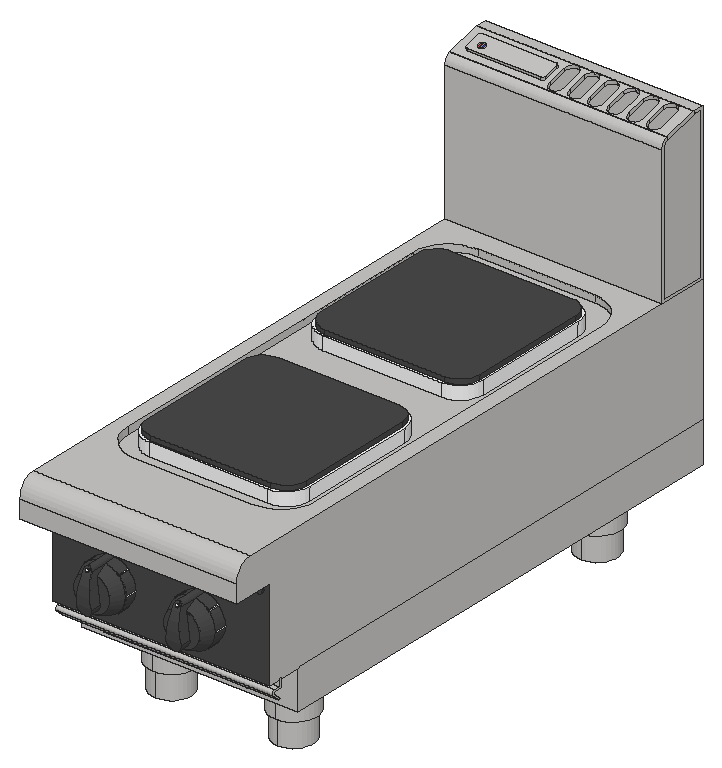
Revit family "QF_Moffat_RNB8200SE-B_Electric_Cooktops_Sealed_Hobs_cat", category Specialty Equipment, Revit 2019 (continued)
Definition of nested family "High and Low Option"
  Definition of nested family "QF_LOGO_Waldorf1"
    Lines and regions (mm)
      Split face 2
        outline origin (0, -13.729, 12.99) x (1, 0, 0) y (0, 0.965926, 0.258819)
          loop
            spline (44.988, 11.965) -> (47.294, 11.682) -> (46.856, 10.932) -> (45.527, 10.609) -> (43.858, 10.439) -> (42.259, 10.123) -> (41.078, 9.417) -> (40.563, 8.246) -> (40.689, 6.989) -> (41.407, 6.052) -> (42.774, 5.536) -> (44.847, 5.497) -> (47.306, 6.602)
            line (47.306, 6.602) -> (47.624, 5.728) -> (51.449, 5.728)
      Split face 3
        outline origin (0, -13.729, 12.99) x (1, 0, 0) y (0, 0.965926, 0.258819)
          loop
            line (47.264, 9.264) -> (44.938, 8.597)
            spline (44.938, 8.597) -> (44.508, 8.228) -> (44.402, 7.9) -> (44.548, 7.626) -> (44.877, 7.42) -> (45.317, 7.295) -> (45.797, 7.265) -> (46.252, 7.342) -> (46.65, 7.525) -> (46.971, 7.813) -> (47.194, 8.201) -> (47.298, 8.685) -> (47.264, 9.264)
      Split face 4
        outline origin (0, -13.729, 12.99) x (1, 0, 0) y (0, 0.965926, 0.258819)
          loop
            line (53.33, 16.975) -> (53.33, 5.728) -> (57.173, 5.728) -> (57.173, 16.975) -> (53.33, 16.975)
      Split face 5
        outline origin (0, -13.729, 12.99) x (1, 0, 0) y (0, 0.965926, 0.258819)
          loop
            line (65.795, 16.975) -> (65.795, 12.976)
            spline (65.795, 12.976) -> (63.839, 14.082) -> (62.087, 14.096) -> (60.633, 13.343) -> (59.574, 12.148) -> (58.99, 10.806) -> (58.867, 9.452) -> (59.156, 8.159) -> (59.81, 7) -> (60.786, 6.056) -> (62.111, 5.514) -> (63.868, 5.634) -> (66.137, 6.679)
            line (66.137, 6.679) -> (66.137, 5.728) -> (69.511, 5.728) -> (69.511, 16.975) -> (65.795, 16.975)
      Split face 6
        outline origin (0, -13.729, 12.99) x (1, 0, 0) y (0, 0.965926, 0.258819)
          loop
            spline (64.273, 7.499) -> (64.754, 7.57) -> (65.202, 7.777) -> (65.587, 8.106) -> (65.882, 8.535) -> (66.067, 9.034) -> (66.131, 9.57) -> (66.067, 10.106) -> (65.882, 10.605) -> (65.587, 11.034) -> (65.202, 11.363) -> (64.754, 11.57) -> (64.273, 11.64)
            spline (64.273, 11.64) -> (63.793, 11.57) -> (63.345, 11.363) -> (62.96, 11.034) -> (62.665, 10.605) -> (62.479, 10.106) -> (62.416, 9.57) -> (62.479, 9.034) -> (62.665, 8.535) -> (62.96, 8.106) -> (63.345, 7.777) -> (63.793, 7.57) -> (64.273, 7.499)
      Split face 7
        outline origin (0, -13.729, 12.99) x (1, 0, 0) y (0, 0.965926, 0.258819)
          loop
            spline (76.449, 5.305) -> (77.855, 5.457) -> (79.166, 5.901) -> (80.291, 6.607) -> (81.155, 7.527) -> (81.698, 8.599) -> (81.883, 9.749) -> (81.698, 10.899) -> (81.155, 11.97) -> (80.291, 12.891) -> (79.166, 13.597) -> (77.855, 14.041) -> (76.449, 14.192)
            spline (76.449, 14.192) -> (75.042, 14.041) -> (73.731, 13.597) -> (72.606, 12.891) -> (71.742, 11.97) -> (71.199, 10.899) -> (71.014, 9.749) -> (71.199, 8.599) -> (71.742, 7.527) -> (72.606, 6.607) -> (73.731, 5.901) -> (75.042, 5.457) -> (76.449, 5.305)
      Split face 8
        outline origin (0, -13.729, 12.99) x (1, 0, 0) y (0, 0.965926, 0.258819)
          loop
            spline (76.449, 7.654) -> (76.841, 7.725) -> (77.206, 7.934) -> (77.52, 8.267) -> (77.76, 8.701) -> (77.912, 9.206) -> (77.963, 9.749) -> (77.912, 10.291) -> (77.76, 10.796) -> (77.52, 11.23) -> (77.206, 11.563) -> (76.841, 11.772) -> (76.449, 11.843)
            spline (76.449, 11.843) -> (76.057, 11.772) -> (75.691, 11.563) -> (75.378, 11.23) -> (75.137, 10.796) -> (74.986, 10.291) -> (74.934, 9.749) -> (74.986, 9.206) -> (75.137, 8.701) -> (75.378, 8.267) -> (75.691, 7.934) -> (76.057, 7.725) -> (76.449, 7.654)
      Split face 9
        outline origin (0, -13.729, 12.99) x (1, 0, 0) y (0, 0.965926, 0.258819)
          loop
            line (86.998, 12.335) -> (86.998, 13.879) -> (83.479, 13.879) -> (83.479, 5.728) -> (87.312, 5.728) -> (87.312, 8.975)
            spline (87.312, 8.975) -> (87.364, 9.356) -> (87.458, 9.686) -> (87.594, 9.968) -> (87.769, 10.204) -> (87.982, 10.398) -> (88.229, 10.55) -> (88.509, 10.666) -> (88.82, 10.746) -> (89.16, 10.794) -> (89.525, 10.812) -> (89.915, 10.803) -> (90.327, 10.77)
            line (90.327, 10.77) -> (90.327, 14.113)
            spline (90.327, 14.113) -> (89.929, 14.127) -> (89.552, 14.111) -> (89.197, 14.066) -> (88.865, 13.991) -> (88.554, 13.887) -> (88.266, 13.754) -> (87.999, 13.591) -> (87.755, 13.399) -> (87.532, 13.177) -> (87.332, 12.926) -> (87.154, 12.645) -> (86.998, 12.335)
      Split face 10
        outline origin (0, -13.729, 12.99) x (1, 0, 0) y (0, 0.965926, 0.258819)
          loop
            line (92.082, 13.879) -> (90.894, 13.879) -> (90.894, 11.972) -> (92.082, 11.972) -> (92.082, 5.728) -> (95.871, 5.728) -> (95.871, 11.972) -> (97.5, 11.972) -> (97.5, 13.879) -> (95.871, 13.879)
            spline (95.871, 13.879) -> (95.843, 14.088) -> (95.845, 14.278) -> (95.877, 14.447) -> (95.939, 14.596) -> (96.03, 14.726) -> (96.151, 14.835) -> (96.301, 14.925) -> (96.482, 14.995) -> (96.692, 15.045) -> (96.931, 15.075) -> (97.201, 15.085) -> (97.5, 15.076)
            line (97.5, 15.076) -> (97.5, 17.266) -> (95.367, 17.266)
            spline (95.367, 17.266) -> (94.982, 17.253) -> (94.58, 17.21) -> (94.174, 17.132) -> (93.774, 17.013) -> (93.39, 16.846) -> (93.034, 16.627) -> (92.717, 16.349) -> (92.448, 16.007) -> (92.24, 15.595) -> (92.102, 15.106) -> (92.046, 14.537) -> (92.082, 13.879)
    Dimensions and locks
      equal spacing: plane 3 "LEFT", plane 7 "Center Y", plane 4 "RIGHT"
      "Length": plane 3 "LEFT" to plane 4 "RIGHT"
      equal spacing: plane 5 "FRONT", plane 8 "Center X", plane 1 "BACK"
      "Depth": plane 5 "FRONT" to plane 1 "BACK"
      "Height": plane 6 "TOP" to level
      plane 4 "RIGHT" to plane 3 "LEFT" = 138 mm
      aligned and locked: level to plane 2
    Automatic sketch dimensions
      Extrusion 1 sketch curve to plane 3 "LEFT" = 0 mm
      plane 3 "LEFT" to Extrusion 1 sketch curve = 4 mm  (x2)
      Extrusion 1 sketch curve to Extrusion 1 sketch curve = 10.75 mm
      Extrusion 1 sketch curve to Extrusion 1 sketch curve = 0.5 mm
      plane 4 "RIGHT" to Extrusion 1 sketch curve = 33 mm
      Extrusion 1 sketch curve to Extrusion 1 sketch curve = 0 mm  (x3)
      Extrusion 1 sketch curve to Extrusion 1 sketch curve = 4 mm
      Extrusion 1 sketch curve to Extrusion 1 sketch curve = 3.464 mm  (x3)
      Extrusion 1 sketch curve to Extrusion 1 sketch curve = 3.541 mm
      Extrusion 1 sketch curve to Extrusion 1 sketch curve = 4.325 mm
      Extrusion 1 sketch curve to Extrusion 1 sketch curve = 19.783 mm
      Extrusion 1 sketch curve to Extrusion 1 sketch curve = 7.592 mm
      plane 3 "LEFT" to Extrusion 2 sketch curve = 15.25 mm
      Extrusion 2 sketch curve to Extrusion 2 sketch curve = 4.325 mm
      plane 3 "LEFT" to Extrusion 3 sketch curve = 14.75 mm
      Extrusion 3 sketch curve to Extrusion 3 sketch curve = 4.325 mm
      Extrusion 1 to Split face 1 sketch curve = 6.879 mm
      Split face 1 sketch curve to Extrusion 1 = 5.728 mm
      Split face 1 sketch curve to Split face 1 sketch curve = 3.132 mm
      Split face 1 sketch curve to Split face 1 sketch curve = 4.068 mm
      Split face 1 sketch curve to Split face 1 sketch curve = 3.051 mm
      Split face 1 sketch curve to Split face 1 sketch curve = 4.203 mm
      Split face 1 sketch curve to Split face 1 sketch curve = 2.916 mm
      Split face 1 sketch curve to Split face 1 sketch curve = 3.456 mm
      Split face 1 sketch curve to Split face 1 sketch curve = 2.934 mm
      Split face 1 sketch curve to Split face 1 sketch curve = 4.131 mm
      Split face 1 sketch curve to Split face 1 sketch curve = 3.96 mm
      Split face 1 sketch curve to Split face 1 sketch curve = 0 mm  (x2)
      Split face 1 sketch curve to Extrusion 1 = 9.736 mm  (x2)
      Extrusion 1 to Split face 1 sketch curve = 6.337 mm
      Extrusion 1 to Split face 1 sketch curve = 6.231 mm
      Extrusion 1 to Split face 1 sketch curve = 3.184 mm
      Extrusion 1 to Split face 1 sketch curve = 13.135 mm
      Split face 1 sketch curve to Split face 1 sketch curve = 4.652 mm
      Split face 1 sketch curve to Split face 1 sketch curve = 3.593 mm
      Split face 1 sketch curve to Split face 1 sketch curve = 1.863 mm
      Split face 1 sketch curve to Split face 1 sketch curve = 0.713 mm
      Split face 1 sketch curve to Split face 1 sketch curve = 2.684 mm
      Split face 1 sketch curve to Split face 1 sketch curve = 3.294 mm
      Split face 1 sketch curve to Split face 1 sketch curve = 0.459 mm
      Split face 1 sketch curve to Split face 1 sketch curve = 2.775 mm
      Split face 1 sketch curve to Split face 1 sketch curve = 1.89 mm
      Split face 1 sketch curve to Split face 1 sketch curve = 0.685 mm
      Split face 1 sketch curve to Split face 1 sketch curve = 9.486 mm
      Split face 1 sketch curve to Split face 1 sketch curve = 16.213 mm
      Split face 1 sketch curve to Split face 1 sketch curve = 3.48 mm
      Split face 1 sketch curve to Split face 1 sketch curve = 4.918 mm
      Split face 1 sketch curve to Split face 1 sketch curve = 7.609 mm
      Split face 1 sketch curve to Split face 1 sketch curve = 0.01 mm  (x2)
      Split face 1 sketch curve to Split face 1 sketch curve = 0.002 mm
      Split face 2 sketch curve to Extrusion 1 = 11.169 mm
      Extrusion 1 to Split face 2 sketch curve = 25.647 mm
      Split face 2 sketch curve to Split face 2 sketch curve = 3.72 mm
      Split face 2 sketch curve to Extrusion 1 = 11.965 mm
      Split face 2 sketch curve to Split face 2 sketch curve = 0.371 mm
      Split face 2 sketch curve to Extrusion 1 = 6.602 mm
      Split face 2 sketch curve to Split face 2 sketch curve = 2.689 mm
      Split face 2 sketch curve to Split face 2 sketch curve = 0.318 mm
      Split face 2 sketch curve to Split face 2 sketch curve = 3.729 mm
      Split face 2 sketch curve to Split face 2 sketch curve = 0.414 mm
      Split face 2 sketch curve to Split face 2 sketch curve = 0.875 mm
      Split face 2 sketch curve to Split face 2 sketch curve = 0.878 mm
      Split face 3 sketch curve to Extrusion 1 = 8.597 mm
      Extrusion 1 to Split face 3 sketch curve = 29.688 mm
      Split face 3 sketch curve to Extrusion 1 = 9.264 mm
      Split face 3 sketch curve to Split face 3 sketch curve = 2.326 mm
      Split face 4 sketch curve to Extrusion 1 = 5.728 mm
      Extrusion 1 to Split face 4 sketch curve = 38.08 mm
      Split face 4 sketch curve to Split face 4 sketch curve = 3.843 mm
      Split face 4 sketch curve to Extrusion 1 = 9.736 mm
      Split face 5 sketch curve to Extrusion 1 = 9.736 mm
      Split face 5 sketch curve to Extrusion 1 = 43.205 mm
      Split face 5 sketch curve to Extrusion 1 = 6.679 mm
      Split face 5 sketch curve to Split face 5 sketch curve = 0.342 mm
      Split face 5 sketch curve to Split face 5 sketch curve = 3.375 mm
      Split face 5 sketch curve to Split face 5 sketch curve = 0.952 mm
      Split face 5 sketch curve to Split face 5 sketch curve = 3.998 mm
      Split face 6 sketch curve to Extrusion 1 = 7.499 mm
      Split face 6 sketch curve to Extrusion 1 = 44.727 mm
      Split face 6 sketch curve to Split face 6 sketch curve = 2.07 mm
      Split face 7 sketch curve to Extrusion 1 = 5.305 mm
      Split face 7 sketch curve to Extrusion 1 = 32.551 mm
      Split face 7 sketch curve to Split face 7 sketch curve = 4.443 mm
      Split face 8 sketch curve to Extrusion 1 = 7.654 mm
      Split face 8 sketch curve to Extrusion 1 = 32.551 mm
      Split face 8 sketch curve to Split face 8 sketch curve = 2.095 mm
      Split face 9 sketch curve to Extrusion 1 = 5.728 mm
      Split face 9 sketch curve to Extrusion 1 = 25.521 mm
      Split face 9 sketch curve to Split face 9 sketch curve = 3.519 mm
      Split face 9 sketch curve to Split face 9 sketch curve = 0.315 mm
      Split face 9 sketch curve to Split face 9 sketch curve = 3.33 mm
      Split face 9 sketch curve to Split face 9 sketch curve = 3.248 mm
      Split face 9 sketch curve to Split face 9 sketch curve = 1.795 mm
      Split face 9 sketch curve to Split face 9 sketch curve = 3.36 mm
      Split face 9 sketch curve to Split face 9 sketch curve = 1.545 mm
      Split face 9 sketch curve to Split face 9 sketch curve = 0.233 mm
      Split face 10 sketch curve to Extrusion 1 = 18.106 mm
      Split face 10 sketch curve to Split face 10 sketch curve = 1.188 mm  (x2)
      Split face 10 sketch curve to Split face 10 sketch curve = 3.285 mm
      Split face 10 sketch curve to Split face 10 sketch curve = 3.789 mm
      Split face 10 sketch curve to Split face 10 sketch curve = 0 mm  (x2)
      Split face 10 sketch curve to Split face 10 sketch curve = 1.629 mm
      Split face 10 sketch curve to Split face 10 sketch curve = 2.133 mm
      Split face 10 sketch curve to Extrusion 1 = 5.728 mm
      Split face 10 sketch curve to Split face 10 sketch curve = 6.245 mm
      Split face 10 sketch curve to Split face 10 sketch curve = 1.907 mm  (x2)
      Split face 10 sketch curve to Split face 10 sketch curve = 1.197 mm
      Split face 10 sketch curve to Split face 10 sketch curve = 2.19 mm
Definition of nested family "RN8200SE-B"
  Parameters (values of type "E512S-B")
    Weight in Kilograms = 55
    Watts = Volts * FL Amps  # 5060 W
    Volts = 230 V
    URL Cutsheet = ""
    Specification by User = ""
    Specification by Manufacturer = ""
    Serial Number = ""
    Seismic Rating = ""
    SMACNA No = ""
    Revision Code = ""
    Phase = 1
    Number of Poles = 1
    NAFEM Spec ID Number = ""
    Model = "RNL8200SE-B"
    Min Ckt Ampacity = 0 A
    Max Overcurrent Protection = 0 A
    Masterspec = ""
    Manufacturer = "Moffat"
    Length = 300 mm
    Item Number = ""
    Installed By = ""
    Identify Quantity as Lot = yes
    Height = 315 mm
    HP = ""
    Furnished By = ""
    Foodservice Equipment Identifier = yes
    FL Amps = 22 A
    Electrical Remarks = ""
    Electric Connection Type = ""
    Elec Conn RI Height = 0 mm
    Elec Conn Connection Height = 0 mm
    Description = "Electric Cooktops Sealed Hobs"
    Depth = 805 mm
    Cycle = 50 Hz
    Conn Plug = ""
    Conn Conduit = yes
    CSI MasterFormat = ""
    Apparent Power = if(Phase = 3, Volts * FL Amps * 1.73, Volts * FL Amps)  # 5060 VA
  Reference planes
    plane 1 "BACK": y = 0
    plane 2: z = 0
    plane 3 "LEFT": x = 0
    plane 4 "RIGHT": x = 300
    plane 5 "FRONT": y = -805
    plane 6 "TOP": z = 315
    plane 7 "Center Y": x = 150
    plane 8 "Center X": y = -402.5
    plane 9: x = 65.5
    plane 10: x = 234.5
    plane 11: x = 87.5
    plane 12: x = 211.766
    plane 13: y = -30
    plane 14: x = 170
    plane 15: y = -625
    plane 16: y = -100
  Forms (mm)
    Extrusion 1, solid
      sketch origin (0, 0, 0) x (0, 1, 0) y (0, 0, 1)
        loop
          line (0, 140) -> (0, 315) -> (-781, 315)
          arc (-781, 315) -> (-797.971, 307.971) -> (-805, 291) r 24
          line (-805, 291) -> (-805, 266) -> (-749, 266) -> (-749, 140) -> (0, 140)
      from 0 to 300
    Extrusion 2, void
      sketch origin (0, -781, 315) x (0, 1, 0) y (-1, 0, 0)
        loop
          arc (680.8, -69) -> (666.155, -33.645) -> (630.8, -19) r 50
          line (630.8, -19) -> (137.799, -19)
          arc (137.799, -19) -> (102.444, -33.645) -> (87.799, -69) r 50
          line (87.799, -69) -> (87.799, -231)
          arc (87.799, -231) -> (102.444, -266.355) -> (137.799, -281) r 50
          line (137.799, -281) -> (630.8, -281)
          arc (630.8, -281) -> (666.155, -266.355) -> (680.8, -231) r 50
          line (680.8, -231) -> (680.8, -69)
      from 0 to -9.5
    Extrusion 3, solid
      sketch origin (0, -781, 305.5) x (0, 1, 0) y (-1, 0, 0)
        loop
          arc (643.009, -68) -> (633.637, -45.373) -> (611.009, -36) r 32
          line (611.009, -36) -> (446.995, -36)
          arc (446.995, -36) -> (424.368, -45.373) -> (414.995, -68) r 32
          line (414.995, -68) -> (414.995, -232)
          arc (414.995, -232) -> (424.368, -254.627) -> (446.995, -264) r 32
          line (446.995, -264) -> (611.009, -264)
          arc (611.009, -264) -> (633.637, -254.627) -> (643.009, -232) r 32
          line (643.009, -232) -> (643.009, -68)
        loop
          arc (343.009, -68) -> (333.636, -45.373) -> (311.009, -36) r 32
          line (311.009, -36) -> (147.026, -36)
          arc (147.026, -36) -> (124.398, -45.373) -> (115.026, -68) r 32
          line (115.026, -68) -> (115.026, -232)
          arc (115.026, -232) -> (124.398, -254.627) -> (147.026, -264) r 32
          line (147.026, -264) -> (311.009, -264)
          arc (311.009, -264) -> (333.636, -254.627) -> (343.009, -232) r 32
          line (343.009, -232) -> (343.009, -68)
      from 0 to 17.8
    Extrusion 4, solid
      sketch origin (0, -781, 323.3) x (0, 1, 0) y (-1, 0, 0)
        loop
          arc (639.009, -67) -> (631.101, -47.908) -> (612.009, -40) r 27
          line (612.009, -40) -> (445.995, -40)
          arc (445.995, -40) -> (426.903, -47.908) -> (418.995, -67) r 27
          line (418.995, -67) -> (418.995, -233)
          arc (418.995, -233) -> (426.903, -252.092) -> (445.995, -260) r 27
          line (445.995, -260) -> (612.009, -260)
          arc (612.009, -260) -> (631.101, -252.092) -> (639.009, -233) r 27
          line (639.009, -233) -> (639.009, -67)
        loop
          arc (339.009, -67) -> (331.1, -47.908) -> (312.009, -40) r 27
          line (312.009, -40) -> (146.026, -40)
          arc (146.026, -40) -> (126.934, -47.908) -> (119.026, -67) r 27
          line (119.026, -67) -> (119.026, -233)
          arc (119.026, -233) -> (126.934, -252.092) -> (146.026, -260) r 27
          line (146.026, -260) -> (312.009, -260)
          arc (312.009, -260) -> (331.1, -252.092) -> (339.009, -233) r 27
          line (339.009, -233) -> (339.009, -67)
      from 0 to 6.1
    Extrusion 5, solid
      sketch origin (0, 0, 0) x (0, 1, 0) y (0, 0, 1)
        loop
          line (-699, 85) -> (0, 85) -> (0, 140) -> (-699, 140) -> (-699, 85)
      from 0 to 300
    Extrusion 6, solid
      sketch origin (0, 0, 0) x (0, 1, 0) y (0, 0, 1)
        loop
          line (-730.6, 140) -> (-730.6, 130) -> (-740.105, 130)
          arc (-740.105, 130) -> (-743.076, 128.015) -> (-742.379, 124.511) r 3.215
          line (-742.379, 124.511) -> (-731.85, 113.982) -> (-730.719, 115.113) -> (-741.247, 125.642)
          arc (-741.247, 125.642) -> (-741.597, 127.403) -> (-740.105, 128.4) r 1.615
          line (-740.105, 128.4) -> (-729, 128.4) -> (-729, 140) -> (-730.6, 140)
      from 0 to 300
    Extrusion 7, solid
      sketch origin (150, 168.197, 1219.2) x (0, 1, 0) y (0, 0, 1)
        loop
          line (-867.197, -1109.2) -> (-889.234, -1109.2)
          arc (-889.234, -1109.2) -> (-890.834, -1110.8) -> (-889.234, -1112.4) r 1.6
          line (-889.234, -1112.4) -> (-867.197, -1112.4) -> (-867.197, -1109.2)
      from -100 to 100
    Extrusion 8, solid
      sketch origin (0, -749, 141.25) x (0, 0, 1) y (-1, 0, 0)
        loop
          circle (101.3, -132.5) r 7.15
        loop
          circle (101.3, -257.5) r 7.15
      from 0 to 1.6
    Extrusion 9, solid
      sketch origin (0, -749, 141.25) x (0, 0, 1) y (-1, 0, 0)
        loop
          circle (113.843, -13.157) r 5
        loop
          circle (113.843, -286.843) r 5
      from 0 to 1.6
    Extrusion 10, solid
      sketch origin (-30, -689.8, 85) x (1, 0, 0) y (0, -1, 0)
        loop
          circle (200, -659.8) r 6.35
      from 0 to 1.6
  Cuts and joins
    Extrusion 2 cuts Extrusion 1
  Lines and regions (mm)
    symbolic lines
      curve 1: line (0, 0, 0) -> (300, 0, 0)
      curve 2: line (0, -805, 0) -> (0, 0, 0)
      curve 3: line (300, -805, 0) -> (0, -805, 0)
      curve 4: line (300, 0, 0) -> (300, -805, 0)
      curve 5: arc (19, -150.2, 0) -> (33.645, -114.845, 0) -> (69, -100.2, 0) r 50
      curve 6: line (69, -100.2, 0) -> (231, -100.2, 0)
      curve 7: arc (231, -100.2, 0) -> (266.355, -114.845, 0) -> (281, -150.2, 0) r 50
      curve 8: line (281, -150.2, 0) -> (281, -643.201, 0)
      curve 9: arc (281, -643.201, 0) -> (266.355, -678.556, 0) -> (231, -693.201, 0) r 50
      curve 10: line (231, -693.201, 0) -> (69, -693.201, 0)
      curve 11: arc (69, -693.201, 0) -> (33.645, -678.556, 0) -> (19, -643.201, 0) r 50
      curve 12: line (19, -643.201, 0) -> (19, -150.2, 0)
      curve 13: arc (68, -137.991, 0) -> (45.373, -147.363, 0) -> (36, -169.991, 0) r 32
      curve 14: line (36, -169.991, 0) -> (36, -334.005, 0)
      curve 15: arc (36, -334.005, 0) -> (45.373, -356.632, 0) -> (68, -366.005, 0) r 32
      curve 16: line (68, -366.005, 0) -> (232, -366.005, 0)
      curve 17: arc (232, -366.005, 0) -> (254.627, -356.632, 0) -> (264, -334.005, 0) r 32
      curve 18: line (264, -334.005, 0) -> (264, -169.991, 0)
      curve 19: arc (264, -169.991, 0) -> (254.627, -147.363, 0) -> (232, -137.991, 0) r 32
      curve 20: line (232, -137.991, 0) -> (68, -137.991, 0)
      curve 21: arc (67, -141.991, 0) -> (47.908, -149.899, 0) -> (40, -168.991, 0) r 27
      curve 22: line (40, -168.991, 0) -> (40, -335.005, 0)
      curve 23: arc (40, -335.005, 0) -> (47.908, -354.097, 0) -> (67, -362.005, 0) r 27
      curve 24: line (67, -362.005, 0) -> (233, -362.005, 0)
      curve 25: arc (233, -362.005, 0) -> (252.092, -354.097, 0) -> (260, -335.005, 0) r 27
      curve 26: line (260, -335.005, 0) -> (260, -168.991, 0)
      curve 27: arc (260, -168.991, 0) -> (252.092, -149.899, 0) -> (233, -141.991, 0) r 27
      curve 28: line (233, -141.991, 0) -> (67, -141.991, 0)
      curve 29: arc (68, -437.991, 0) -> (45.373, -447.364, 0) -> (36, -469.991, 0) r 32
      curve 30: line (36, -469.991, 0) -> (36, -633.974, 0)
      curve 31: arc (36, -633.974, 0) -> (45.373, -656.602, 0) -> (68, -665.974, 0) r 32
      curve 32: line (68, -665.974, 0) -> (232, -665.974, 0)
      curve 33: arc (232, -665.974, 0) -> (254.627, -656.602, 0) -> (264, -633.974, 0) r 32
      curve 34: line (264, -633.974, 0) -> (264, -469.991, 0)
      curve 35: arc (264, -469.991, 0) -> (254.627, -447.364, 0) -> (232, -437.991, 0) r 32
      curve 36: line (232, -437.991, 0) -> (68, -437.991, 0)
      curve 37: arc (67, -441.991, 0) -> (47.908, -449.9, 0) -> (40, -468.991, 0) r 27
      curve 38: line (40, -468.991, 0) -> (40, -634.974, 0)
      curve 39: arc (40, -634.974, 0) -> (47.908, -654.066, 0) -> (67, -661.974, 0) r 27
      curve 40: line (67, -661.974, 0) -> (233, -661.974, 0)
      curve 41: arc (233, -661.974, 0) -> (252.092, -654.066, 0) -> (260, -634.974, 0) r 27
      curve 42: line (260, -634.974, 0) -> (260, -468.991, 0)
      curve 43: arc (260, -468.991, 0) -> (252.092, -449.9, 0) -> (233, -441.991, 0) r 27
      curve 44: line (233, -441.991, 0) -> (67, -441.991, 0)
  Dimensions and locks
    equal spacing: plane 3 "LEFT", plane 7 "Center Y", plane 4 "RIGHT"
    "Length": plane 3 "LEFT" to plane 4 "RIGHT"
    equal spacing: plane 5 "FRONT", plane 8 "Center X", plane 1 "BACK"
    "Depth": plane 5 "FRONT" to plane 1 "BACK"
    plane 9 to plane 10 = 169 mm
    plane 4 "RIGHT" to plane 3 "LEFT" = 300 mm
    plane 1 "BACK" to plane 5 "FRONT" = 805 mm
    plane 6 "TOP" to plane 2 = 315 mm
    cut or joined group of Extrusion 1, Extrusion 2 to plane 2 = 315 mm
    plane 2 to Extrusion 5 = 85 mm
    plane 1 "BACK" to nested 5 = 100 mm
    nested 5 to nested 1 = 525 mm
    plane 14 to plane 4 "RIGHT" = 130 mm
    plane 1 "BACK" to plane 13 = 30 mm
    "Height": plane 6 "TOP" to level
    plane 15 to plane 16 = 525 mm
    aligned and locked: level to plane 2
  Automatic sketch dimensions
    Extrusion 2 sketch curve to Extrusion 2 sketch curve = 50 mm  (x3)
    Extrusion 1 to Extrusion 2 sketch curve = 19 mm
    Extrusion 1 to Extrusion 2 sketch curve = 69 mm  (x2)
    Extrusion 3 sketch curve to Extrusion 2 = 27.226 mm
    Extrusion 3 sketch curve to Extrusion 2 = 17 mm  (x4)
    Extrusion 3 sketch curve to Extrusion 3 sketch curve = 32 mm  (x6)
    Extrusion 3 sketch curve to Extrusion 2 = 49 mm
    Extrusion 3 sketch curve to Extrusion 3 sketch curve = 163.983 mm
    Extrusion 3 sketch curve to Extrusion 3 sketch curve = 71.987 mm
    Extrusion 3 sketch curve to Extrusion 2 = 69.791 mm  (x2)
    Extrusion 4 sketch curve to Extrusion 3 = 4 mm  (x8)
    Extrusion 4 sketch curve to Extrusion 3 = 31 mm  (x8)
    Extrusion 5 sketch curve to plane 1 "BACK" = 0 mm
    Extrusion 5 sketch curve to plane 5 "FRONT" = 106 mm
    level to Extrusion 5 sketch curve = 85 mm
    Extrusion 5 sketch curve to Extrusion 5 sketch curve = 55 mm
    Extrusion 6 sketch curve to Extrusion 6 sketch curve = 0 mm  (x2)
    Extrusion 6 sketch curve to plane 5 "FRONT" = 62.621 mm
    Extrusion 6 sketch curve to Extrusion 6 sketch curve = 1.131 mm  (x3)
    Extrusion 6 sketch curve to Extrusion 6 sketch curve = 1.142 mm  (x2)
    Extrusion 6 sketch curve to Extrusion 6 sketch curve = 10.529 mm
    Extrusion 6 sketch curve to Extrusion 6 sketch curve = 9.505 mm
    Extrusion 6 sketch curve to Extrusion 6 sketch curve = 1.6 mm
    level to Extrusion 6 sketch curve = 113.982 mm
    Extrusion 6 sketch curve to Extrusion 6 sketch curve = 10 mm
    Extrusion 7 sketch curve to plane 5 "FRONT" = 83.963 mm
    Extrusion 7 sketch curve to Extrusion 7 sketch curve = 22.037 mm
    level to Extrusion 7 sketch curve = 106.8 mm
    Extrusion 7 sketch curve to Extrusion 7 sketch curve = 1.6 mm
    Extrusion 1 to Extrusion 8 sketch curve = 23.45 mm  (x2)
    Extrusion 1 to Extrusion 8 sketch curve = 42.5 mm
    Extrusion 8 sketch curve to Extrusion 8 sketch curve = 125 mm
    Extrusion 1 to Extrusion 9 sketch curve = 10.907 mm  (x2)
    Extrusion 1 to Extrusion 9 sketch curve = 13.157 mm  (x2)
    Extrusion 10 sketch curve to Extrusion 5 = 30 mm
    Extrusion 10 sketch curve to Extrusion 5 = 130 mm
    Extrusion 1 sketch curve to plane 5 "FRONT" = 56 mm
    Extrusion 1 sketch curve to Extrusion 1 sketch curve = 49 mm
    Extrusion 1 sketch curve to plane 5 "FRONT" = 24 mm
    Extrusion 1 sketch curve to plane 5 "FRONT" = 0 mm
    Extrusion 2 sketch curve to Extrusion 1 = 137.799 mm
    plane 1 "BACK" to curve 1 = 0 mm
    curve 1 to plane 3 "LEFT" = 0 mm
    plane 5 "FRONT" to curve 3 = 0 mm
    plane 3 "LEFT" to curve 12 = 19 mm
    curve 12 to curve 14 = 17 mm
    curve 30 to plane 15 = 8.974 mm
    curve 12 to curve 30 = 17 mm
    curve 13 to curve 22 = 4 mm
    curve 29 to curve 38 = 4 mm
    curve 37 to plane 9 = 1.5 mm
    curve 23 to plane 9 = 1.5 mm
    curve 39 to plane 9 = 1.5 mm
    curve 28 to plane 9 = 1.5 mm
    curve 23 to curve 15 = 1 mm
    curve 21 to curve 13 = 1 mm
    curve 37 to curve 29 = 1 mm
    curve 39 to curve 31 = 1 mm
    curve 6 to plane 16 = 0.2 mm
    curve 6 to plane 9 = 3.5 mm
    curve 10 to plane 9 = 3.5 mm
    plane 10 to curve 7 = 3.5 mm
    plane 10 to curve 10 = 3.5 mm
    plane 10 to curve 35 = 2.5 mm
    plane 10 to curve 33 = 2.5 mm
    plane 10 to curve 16 = 2.5 mm
    plane 10 to curve 19 = 2.5 mm
    plane 10 to curve 44 = 1.5 mm
    plane 10 to curve 24 = 1.5 mm
    plane 10 to curve 28 = 1.5 mm
    plane 10 to curve 40 = 1.5 mm
    curve 42 to plane 10 = 25.5 mm
    curve 26 to plane 10 = 25.5 mm
    curve 42 to curve 34 = 4 mm
    curve 26 to curve 18 = 4 mm
    plane 4 "RIGHT" to curve 8 = 19 mm
    curve 10 to curve 32 = 27.226 mm
    curve 31 to curve 40 = 4 mm
    curve 35 to plane 8 "Center X" = 67.491 mm
    curve 29 to curve 38 = 1 mm
    plane 8 "Center X" to curve 16 = 36.495 mm
    curve 15 to curve 24 = 4 mm
    curve 19 to curve 7 = 19.791 mm
    curve 13 to curve 22 = 1 mm
    Extrusion 1 sketch curve to Extrusion 1 sketch curve = 126 mm
    curve 4 to plane 4 "RIGHT" = 0 mm
    Extrusion 1 sketch curve to plane 6 "TOP" = 0 mm
    Extrusion 1 sketch curve to plane 1 "BACK" = 0 mm
    Extrusion 1 to Extrusion 2 sketch curve = 150.2 mm
    radius of Extrusion 8 sketch curve = 7.15 mm  (x2)
    radius of Extrusion 9 sketch curve = 5 mm  (x2)
    radius of Extrusion 10 sketch curve = 6.35 mm
  Nested families
    nested 1: "Small Leg" at (33.75, -593.25, 0), type "Small Leg"
    nested 2: "Small Leg" at (266.25, -593.25, 0) x (-1, 0, 0) z (0, 0, 1), type "Small Leg"
    nested 3: "Knob" at (55.003, -746.031, 164.502), type "Knob"
    nested 4: "Knob" at (179.269, -746.031, 164.502), type "Knob"
    nested 5: "Small Leg" at (33.75, -68.25, 0), type "Small Leg"
    nested 6: "Small Leg" at (266.25, -68.25, 0) x (-1, 0, 0) z (0, 0, 1), type "Small Leg"
  Connectors
    electrical at (170, -30, 83.4), driven by "Volts", driven by "Watts"
      settings: on Extrusion 10, index 1, voltage 230 V, apparent load 5060 VA, apparent load phase1 0 VA, apparent load phase2 0 VA, apparent load phase3 0 VA, power factor 1, load classification none, number of poles 1, system type 30, power factor state 1, is connector primary yes, connector utility no, sub classification motor no, connector description "Electrical Connection"
  Definition of nested family "Small Leg"
    Parameters (values of type "Small Leg")
      Weight in Pounds = 0
      URL Cutsheet = ""
      Specification by User = ""
      Specification by Manufacturer = ""
      Serial Number = ""
      Seismic Rating = ""
      SMACNA No = ""
      Revision Code = ""
      NAFEM Spec ID Number = ""
      Masterspec = ""
      Length = 63.5 mm
      Item Number = ""
      Installed By = ""
      Identify Quantity as Lot = yes
      Height = 85 mm
      Furnished By = ""
      Foodservice Equipment Identifier = yes
      Depth = 63.5 mm
      CSI MasterFormat = ""
    Reference planes
      plane 1 "BACK": y = 0
      plane 2: z = 0
      plane 3 "LEFT": x = 0
      plane 4 "RIGHT": x = 63.5
      plane 5 "FRONT": y = -63.5
      plane 6 "TOP": z = 85
      plane 7 "Center Y": x = 31.75
      plane 8 "Center X": y = -31.75
    Forms (mm)
      Revolve 1, solid
        sketch origin (31.75, 175.397, 1219.2) x (0, 1, 0) y (0, 0, 1)
          loop
            line (-207.147, -1134.2) -> (-207.147, -1219.2) -> (-179.647, -1219.2) -> (-179.647, -1184.2) -> (-175.397, -1184.2) -> (-175.397, -1134.2) -> (-207.147, -1134.2)
          axis (-207.147, -1134.2) -> (-207.147, -1219.2)
        angle from 0 to 360
    Dimensions and locks
      equal spacing: plane 3 "LEFT", plane 7 "Center Y", plane 4 "RIGHT"
      "Length": plane 3 "LEFT" to plane 4 "RIGHT"
      equal spacing: plane 5 "FRONT", plane 8 "Center X", plane 1 "BACK"
      "Depth": plane 5 "FRONT" to plane 1 "BACK"
      "Height": plane 6 "TOP" to level
      plane 4 "RIGHT" to plane 3 "LEFT" = 63.5 mm
      aligned and locked: level to plane 2
    Automatic sketch dimensions
      Revolve 1 sketch curve to plane 6 "TOP" = 0 mm
      Revolve 1 sketch curve to plane 8 "Center X" = 0 mm  (x2)
      Revolve 1 sketch curve to level = 0 mm  (x2)
      Revolve 1 sketch curve to plane 1 "BACK" = 0 mm
      Revolve 1 sketch curve to Revolve 1 sketch curve = 4.25 mm
      level to Revolve 1 sketch curve = 35 mm
      Revolve 1 sketch curve to Revolve 1 sketch curve = 20 mm
  Definition of nested family "Knob"
    Parameters (values of type "Knob")
      Weight in Pounds = 0
      URL Cutsheet = ""
      Specification by User = ""
      Specification by Manufacturer = ""
      Serial Number = ""
      Seismic Rating = ""
      SMACNA No = ""
      Revision Code = ""
      NAFEM Spec ID Number = ""
      Masterspec = ""
      Length = 65 mm
      Item Number = ""
      Installed By = ""
      Identify Quantity as Lot = yes
      Height = 69.5 mm
      Furnished By = ""
      Foodservice Equipment Identifier = yes
      Depth = 59 mm
      CSI MasterFormat = ""
    Reference planes
      plane 1 "BACK": y = 0
      plane 2: z = 0
      plane 3 "LEFT": x = 0
      plane 4 "RIGHT": x = 65
      plane 5 "FRONT": y = -59
      plane 6 "TOP": z = 69.5
      plane 7 "Center Y": x = 32.5
      plane 8 "Center X": y = -29.5
    Forms (mm)
      Revolve 1, solid
        sketch origin (32.5, 175.397, 1219.2) x (0, 1, 0) y (0, 0, 1)
          loop
            line (-175.397, -1186.7) -> (-219.397, -1186.7) -> (-219.397, -1211.501) -> (-202.106, -1219.2) -> (-185.397, -1219.2) -> (-185.397, -1191.7) -> (-175.397, -1191.7) -> (-175.397, -1186.7)
          axis (-219.397, -1186.7) -> (-175.397, -1186.7)
        angle from 0 to 360
      Extrusion 2, solid
        sketch origin (32.5, 175.397, 1219.2) x (0, 1, 0) y (0, 0, 1)
          loop
            line (-202.106, -1154.2) -> (-185.397, -1154.2) -> (-185.397, -1149.7) -> (-224.105, -1149.7)
            arc (-224.105, -1149.7) -> (-233.965, -1178.467) -> (-230.696, -1208.7) r 70
            line (-230.696, -1208.7) -> (-219.397, -1208.7) -> (-219.397, -1161.899) -> (-202.106, -1154.2)
        from -15 to 15
      Extrusion 3, void
        sketch origin (0, 0, 0) x (1, 0, 0) y (0, 0, 1)
          loop
            line (27.501, 64.613) -> (22.02, 20.585)
            arc (22.02, 20.585) -> (32.792, 10.488) -> (42.986, 21.169) r 10.487
            line (42.986, 21.169) -> (37.499, 64.613)
            arc (37.499, 64.613) -> (32.5, 69.5) -> (27.501, 64.613) r 5
          loop
            line (10, 72.977) -> (10, 5.625) -> (55, 5.625) -> (55, 72.977) -> (10, 72.977)
        from 6.142 to 69.687
      Extrusion 4, solid
        sketch origin (0, -34.115, -16.916) x (1, 0, 0) y (0, 0.45399, 0.891007)
          loop
            circle (32.497, 65) r 2
        from 51.525 to 53.075
      Extrusion 5, solid
        sketch origin (32.5, -10, 32.5) x (0, 0, -1) y (-1, 0, 0)
          loop
            line (-23.54, -22.408) -> (-24.106, -22.974)
            arc (-24.106, -22.974) -> (-23.547, -23.547) -> (-22.974, -24.106) r 33.3
            line (-22.974, -24.106) -> (-22.408, -23.54)
            arc (-22.408, -23.54) -> (-22.981, -22.981) -> (-23.54, -22.408) r 32.5
          loop
            arc (-0.8, -33.29) -> (0, -33.3) -> (0.8, -33.29) r 33.3
            line (0.8, -33.29) -> (0.8, -32.49)
            arc (0.8, -32.49) -> (0, -32.5) -> (-0.8, -32.49) r 32.5
            line (-0.8, -32.49) -> (-0.8, -33.29)
          loop
            arc (23.54, -22.408) -> (22.981, -22.981) -> (22.408, -23.54) r 32.5
            line (22.408, -23.54) -> (22.974, -24.106)
            arc (22.974, -24.106) -> (23.547, -23.547) -> (24.106, -22.974) r 33.3
            line (24.106, -22.974) -> (23.54, -22.408)
          loop
            arc (-23.54, 22.408) -> (-22.981, 22.981) -> (-22.408, 23.54) r 32.5
            line (-22.408, 23.54) -> (-22.974, 24.106)
            arc (-22.974, 24.106) -> (-23.547, 23.547) -> (-24.106, 22.974) r 33.3
            line (-24.106, 22.974) -> (-23.54, 22.408)
          loop
            line (-0.8, 33.29) -> (-0.8, 32.49)
            arc (-0.8, 32.49) -> (0, 32.5) -> (0.8, 32.49) r 32.5
            line (0.8, 32.49) -> (0.8, 33.29)
            arc (0.8, 33.29) -> (0, 33.3) -> (-0.8, 33.29) r 33.3
          loop
            line (32.49, -0.8) -> (33.29, -0.8)
            arc (33.29, -0.8) -> (33.3, 0) -> (33.29, 0.8) r 33.3
            line (33.29, 0.8) -> (32.49, 0.8)
            arc (32.49, 0.8) -> (32.5, 0) -> (32.49, -0.8) r 32.5
          loop
            arc (24.106, 22.974) -> (23.547, 23.547) -> (22.974, 24.106) r 33.3
            line (22.974, 24.106) -> (22.408, 23.54)
            arc (22.408, 23.54) -> (22.981, 22.981) -> (23.54, 22.408) r 32.5
            line (23.54, 22.408) -> (24.106, 22.974)
        from 0 to -16.709
    Cuts and joins
      Extrusion 3 cuts Extrusion 2
    Dimensions and locks
      equal spacing: plane 3 "LEFT", plane 7 "Center Y", plane 4 "RIGHT"
      "Length": plane 3 "LEFT" to plane 4 "RIGHT"
      equal spacing: plane 5 "FRONT", plane 8 "Center X", plane 1 "BACK"
      "Depth": plane 5 "FRONT" to plane 1 "BACK"
      "Height": plane 6 "TOP" to level
      plane 4 "RIGHT" to plane 3 "LEFT" = 65 mm
      aligned and locked: level to plane 2
    Automatic sketch dimensions
      Revolve 1 sketch curve to level = 0 mm
      Revolve 1 sketch curve to plane 1 "BACK" = 0 mm  (x2)
      plane 1 "BACK" to Revolve 1 sketch curve = 10 mm
      plane 8 "Center X" to Revolve 1 sketch curve = 2.791 mm
      Revolve 1 sketch curve to plane 8 "Center X" = 14.5 mm
      level to Revolve 1 sketch curve = 7.699 mm
      level to Revolve 1 sketch curve = 27.5 mm
      Revolve 1 sketch curve to Revolve 1 sketch curve = 5 mm
      Revolve 1 sketch curve to Revolve 1 sketch curve = 35 mm
      Revolve 1 sketch curve to Revolve 1 sketch curve = 0 mm
      Extrusion 2 sketch curve to plane 6 "TOP" = 0 mm
      Extrusion 2 sketch curve to plane 5 "FRONT" = 3.702 mm
      Extrusion 2 sketch curve to plane 5 "FRONT" = 10.293 mm
      Extrusion 2 sketch curve to Extrusion 2 sketch curve = 11.298 mm
      plane 8 "Center X" to Extrusion 2 sketch curve = 2.791 mm
      plane 1 "BACK" to Extrusion 2 sketch curve = 10 mm
      Extrusion 2 sketch curve to plane 1 "BACK" = 11 mm
      Extrusion 2 sketch curve to plane 6 "TOP" = 4.5 mm
      Extrusion 2 sketch curve to plane 6 "TOP" = 12.199 mm
      level to Extrusion 2 sketch curve = 32.962 mm
      level to Extrusion 3 sketch curve = 5.625 mm
      Extrusion 3 sketch curve to plane 7 "Center Y" = 0 mm  (x2)
      Extrusion 3 sketch curve to plane 7 "Center Y" = 4.999 mm
      Extrusion 3 sketch curve to plane 7 "Center Y" = 10.48 mm
      plane 6 "TOP" to Extrusion 3 sketch curve = 3.477 mm
      plane 3 "LEFT" to Extrusion 3 sketch curve = 10 mm
      Extrusion 3 sketch curve to plane 6 "TOP" = 4.887 mm
      Extrusion 3 sketch curve to Extrusion 3 sketch curve = 4.999 mm
      plane 7 "Center Y" to Extrusion 3 sketch curve = 10.486 mm
      level to Extrusion 3 sketch curve = 20.585 mm
      Extrusion 3 sketch curve to Extrusion 3 sketch curve = 0.387 mm
      Extrusion 3 sketch curve to Extrusion 3 sketch curve = 0.113 mm
      plane 4 "RIGHT" to Extrusion 3 sketch curve = 10 mm
      Extrusion 5 sketch curve to Revolve 1 = 32.49 mm
      Revolve 1 to Extrusion 5 sketch curve = 32.49 mm
      Extrusion 5 sketch curve to Revolve 1 = 23.54 mm  (x2)
      Revolve 1 to Extrusion 5 sketch curve = 23.54 mm  (x2)
      Extrusion 5 sketch curve to Revolve 1 = 24.106 mm  (x2)
      Revolve 1 to Extrusion 5 sketch curve = 24.106 mm  (x2)
      Revolve 1 to Extrusion 5 sketch curve = 22.408 mm  (x2)
      Extrusion 5 sketch curve to Revolve 1 = 22.408 mm  (x2)
      Revolve 1 to Extrusion 5 sketch curve = 22.974 mm  (x2)
      Extrusion 5 sketch curve to Revolve 1 = 22.974 mm  (x2)
      Extrusion 5 sketch curve to Extrusion 5 sketch curve = 1.6 mm  (x2)
      Revolve 1 to Extrusion 5 sketch curve = 0.8 mm
      Extrusion 5 sketch curve to Revolve 1 = 0.8 mm
      Extrusion 4 sketch curve to plane 7 "Center Y" = 0.003 mm
      radius of Extrusion 5 sketch curve to Revolve 1 = 0 mm  (x7)
      radius of Revolve 1 to Extrusion 5 sketch curve = 0.8 mm  (x7)
      radius of Extrusion 4 sketch curve = 2 mm
